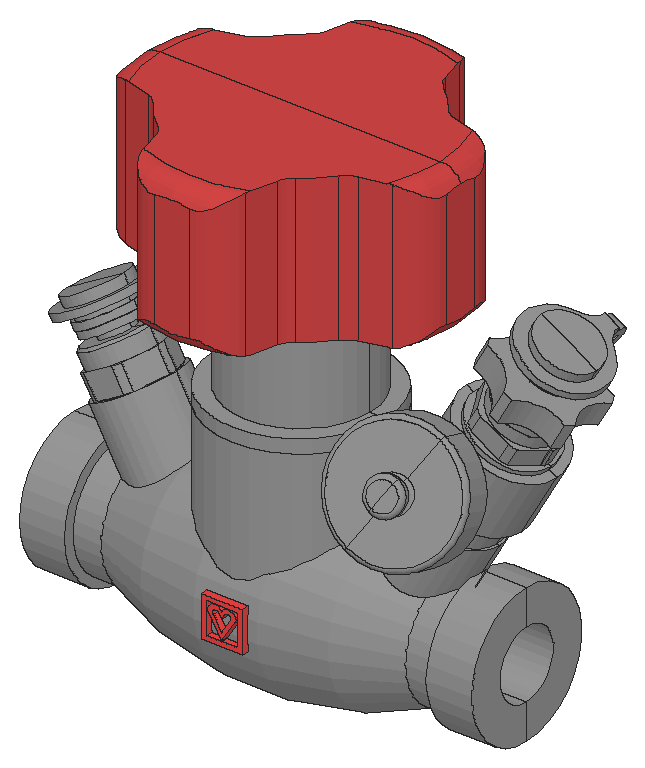
Revit family "Strangregulierventil für Differenzdruckmessung, Geradsitzform 4217 GML (LF-MF)", category Rohrzubehör, Revit 2020
Family settings
  Bemaßung runder Anschluss = Durchmesser verwenden
  Teiletyp = Unterbricht
  OmniClass-Nummer = 23.65.55.14
  OmniClass-Titel = Valves for Liquid Services
  Arbeitsebenenbasiert = Nein
  Immer vertikal = Ja
  Beim Laden mit Abzugskörper schneiden = Nein
  Gemeinsam genutzt = Nein
Parameters (values of type "LF")
  kvs-Wert [instance] = if(and(LF, Nennweite = 15.00 mm), 0.93, if(and(MF, Nennweite = 15.00 mm), 3.49, 0))  # 0.93
  W02 = 60.00°  # constant formula
  W01 = 30.00°  # constant formula
  Vorgabe-Ansicht = 0.00 mm
  URL = "www.herz-armaturen.at"
  SC_NennweiteBerechnet = 0
  SC_Dimension = ""
  SCRNSEQ = "ARM;ARM_TYP=\"STRV\";2"
  SCRNCODE = "05;07;02"  # constant formula
  S02 = 60.00 mm  # constant formula
  S01 [instance] = H00 + H01  # 68.20 mm
  R01 [instance] = 21.00 mm  # constant formula
  Nennweite [instance] = 15.00 mm
  Medium = "Heizwasserqualität entsprechend ÖNORM H 5195 bzw. VDI-Richtlinie 2035.\r\nDie Verwendung von Ethylen- und Propylenglykol ist im Mischungsverhältnis 25 - 50 Vol. % zulässig."
  Max. Betriebstemperatur (bis DN32) = 130 °C  # constant formula
  Max. Betriebstemperatur (ab DN40) = 110 °C  # constant formula
  Max. Betriebsdruck = 1600000.0 Pa  # constant formula
  ML02 [instance] = 30.20 mm  # constant formula
  ML01 [instance] = 20.67 mm  # constant formula
  MF [instance] = no
  MD01 = 9.50 mm  # constant formula
  LF [instance] = yes
  L02 [instance] = 10.00 mm  # constant formula
  L01 [instance] = 16.30 mm  # constant formula
  L00 [instance] = 100.00 mm  # constant formula
  IG [instance] = Nennweite / 2  # 7.50 mm
  Hersteller = "HERZ Armaturen Ges.m.b.H."  # constant formula
  H04 [instance] = 2.50 mm  # constant formula
  H03 = 10.00 mm  # constant formula
  H02 [instance] = 3.00 mm  # constant formula
  H01 [instance] = 33.30 mm  # constant formula
  H00 [instance] = 34.90 mm  # constant formula
  Gewicht [instance] = if(and(LF, Nennweite = 15.00 mm), "0.98 kg", if(and(MF, Nennweite = 15.00 mm), "0.97 kg", "0 kg"))  # "0.98 kg"
  Gehäuse = "DZR-Messing"  # constant formula
  GT [instance] = 15.00 mm  # constant formula
  Einbaulage = "Bedingt durch die senkrecht zur Ventilachse angeordnete, nichtsteigende Ventilspindel ist für jede Einbaulage optimale Zugängigkeit und Bedienbarkeit des Ventils gewährleistet."
  Differenzdruckmessung = "STRÖMAX-GML Strangregulierventil ist mit zwei Messventilen ausgestattet.\r\nBei Verwendung eines geeigneten Messgerätes kann der Differenzdruck gemessen und dadurch die jeweilige Durchflussmenge in Abhängigkeit der Einstellstufe ermittelt werden.\r\nAm HERZ-Messcomputer (1 8900 05) ist außerdem direkt die jeweilige Durchflussmenge ablesbar."
  DN50-DN80 [instance] = H00 + H01  # 68.20 mm
  DN15-DN40 [instance] = H00 + H01  # 68.20 mm
  DN15 [instance] = Nennweite = 15.00 mm  # yes
  D06 [instance] = 15.40 mm  # constant formula
  D05 [instance] = 13.15 mm  # constant formula
  D04 = 9.00 mm  # constant formula
  D03 [instance] = 19.00 mm  # constant formula
  D02 [instance] = 15.25 mm  # constant formula
  D01 [instance] = 13.20 mm  # constant formula
  Bestellnummer [instance] = if(and(LF, Nennweite = 15.00 mm), 1421710, if(and(MF, Nennweite = 15.00 mm), 1421719, 0))  # 1421710
  Ausführung = "STRÖMAX-GML Strangregulierventil mit Messventilen und Impulsleitungsanschluß 1/2″ – 3″\r\nGeradesitzform, gelbe Ausführung, Muffe x Muffe, nichtsteigende Spindel, Spindelabdichtung durch Doppel-O-Ring, Voreinstellung durch Hubbegrenzung mittels Innenspindel, digitale Anzeige der Voreinstellstufe im Handradfenster.\r\nEin Standardmeßventil und ein Messventil mit integriertem Impulsleitungsanschluß befinden sich neben dem Handrad."
  Anwendungen = "Zum hydraulischen Abgleich in Heiz- oder Kühlanlagen, Einregulieren von Verteilleitungen, Strängen, Wärmetauschern, Heiz- und Kühlregistern."
Types (3, lengths in mm): name | kvs-Wert | MF | LF | Gewicht | Bestellnummer
  (no name) | 0.93 | no | yes | "0.98 kg" | 1421710
  LF | 0.93 | no | yes | "0.98 kg" | 1421710
  MF | 3.49 | yes | no | "0.97 kg" | 1421719
Reference planes
  plane 1 "Mitte (Vorne/hinten)": y = 0
  plane 2: z = 0
  plane 3 "Mitte (Links/rechts)": x = 0
Forms (mm)
  Revolve 1, solid, material "Messing, weicher Gelbton, geschweißt", detail levels fine
    sketch origin (0, 0, 0) x (1, 0, 0) y (0, 0, 1)
      loop
        line (-50, 15.25) -> (-50, 7.5) -> (-35, 7.5) -> (-35, 0) -> (35, 0) -> (35, 7.5) -> (50, 7.5) -> (50, 15.25) -> (40, 15.25) -> (40, 13.2) -> (33.7, 13.2)
        arc (33.7, 13.2) -> (0, 21) -> (-33.7, 13.2) r 76.701
        line (-33.7, 13.2) -> (-40, 13.2) -> (-40, 15.25) -> (-50, 15.25)
      axis (-50, 0) -> (50, 0)
    angle from 0 to 360
  Revolve 2, solid, material "Messing, weicher Gelbton, geschweißt", detail levels fine
    sketch origin (0, 0, 0) x (1, 0, 0) y (0, 0, 1)
      loop
        line (20.67, 0) -> (35.77, 26.154) -> (27.543, 30.904) -> (12.443, 4.75) -> (20.67, 0)
      axis (20.67, 0) -> (35.77, 26.154)
    angle from 0 to 360
  Revolve 3, solid, material "Messing, weicher Gelbton, geschweißt", detail levels fine
    sketch origin (0, 0, 0) x (1, 0, 0) y (0, 0, 1)
      loop
        line (0, 0) -> (0, 34.9) -> (-19, 34.9) -> (-19, 0) -> (0, 0)
      axis (0, 34.9) -> (0, 0)
    angle from 0 to 360
  Revolve 4, solid, material "Messing, weicher Gelbton, geschweißt", detail levels fine
    sketch origin (0, 0, 0) x (-1, 0, 0) y (0, 0, 1)
      loop
        line (20.67, 0) -> (35.77, 26.154) -> (27.543, 30.904) -> (12.443, 4.75) -> (20.67, 0)
      axis (20.67, 0) -> (35.77, 26.154)
    angle from 0 to 360
  Revolve 5, solid, material "Messing, weicher Gelbton, geschweißt", detail levels fine
    sketch origin (0, 0, 0) x (1, 0, 0) y (0, 0, 1)
      loop
        line (0, 34.9) -> (0, 68.2) -> (-9, 68.2) -> (-9, 58.2) -> (-13.15, 58.2) -> (-13.15, 55.7) -> (-15.4, 55.7) -> (-15.4, 37.9) -> (-19, 37.9) -> (-19, 34.9) -> (0, 34.9)
      axis (0, 68.2) -> (0, 34.9)
    angle from 0 to 360
Lines and regions (mm)
  model lines, detail levels coarse+medium
    curve 1: line (-50, 0, 15.25) -> (-50, 0, -15.25)
    curve 2: line (-50, 0, -15.25) -> (50, 0, 15.25)
    curve 3: line (50, 0, 15.25) -> (50, 0, -15.25)
    curve 4: line (50, 0, -15.25) -> (-50, 0, 15.25)
    curve 5: line (0, 0, 0) -> (39.375, 0, 68.2)
    curve 6: line (13.395, 0, 83.2) -> (65.356, 0, 53.2)
    curve 7: line (-50, 15.25, 0) -> (-50, -15.25, 0)
    curve 8: line (-50, -15.25, 0) -> (50, 15.25, 0)
    curve 9: line (50, 15.25, 0) -> (50, -15.25, 0)
    curve 10: line (50, -15.25, 0) -> (-50, 15.25, 0)
    curve 11: line (0, 0, 0) -> (39.375, 68.2, 0)
    curve 12: line (13.395, 83.2, 0) -> (65.356, 53.2, 0)
Dimensions and locks
  "IG": Revolve 1 sketch curve to plane 2
  "GT": Revolve 1 sketch curve to Revolve 1 sketch curve  (x2)
  "IG": Revolve 1 sketch curve to Revolve 1 sketch curve
  "D01": Revolve 1 sketch curve to Revolve 1 sketch curve  (x2)
  "R01": Revolve 1 sketch curve to Revolve 1 sketch curve
  "L02": Revolve 1 sketch curve to Revolve 1 sketch curve  (x2)
  "L01": Revolve 1 sketch curve to Revolve 1 sketch curve  (x2)
  "D02": Revolve 1 sketch curve to plane 2  (x2)
  equal spacing: Revolve 1 sketch curve, plane 3 "Mitte (Links/rechts)", Revolve 1 sketch curve
  "L00": Revolve 1 sketch curve to Revolve 1 sketch curve
  "R01": nested 1 to plane 1 "Mitte (Vorne/hinten)"
  "ML01": Revolve 2 sketch curve to plane 3 "Mitte (Links/rechts)"
  "H00": Revolve 3 sketch curve to plane 2
  "D03": Revolve 3 sketch curve to Revolve 3 sketch curve
  "ML02": Revolve 2 sketch curve to Revolve 2 sketch curve
  "MD01": Revolve 2 sketch curve to Revolve 2 sketch curve  (x2)
  "ML02": Revolve 4 sketch curve to Revolve 4 sketch curve
  "MD01": Revolve 4 sketch curve to Revolve 4 sketch curve  (x2)
  "ML01": plane 3 "Mitte (Links/rechts)" to Revolve 4 sketch curve
  "H00": Revolve 5 sketch curve to plane 2
  "H01": Revolve 5 sketch curve to Revolve 5 sketch curve
  "D04": Revolve 5 sketch curve to Revolve 5 sketch curve
  "D03": Revolve 5 sketch curve to Revolve 5 sketch curve
  "D05": Revolve 5 sketch curve to Revolve 5 sketch curve
  "D06": Revolve 5 sketch curve to Revolve 5 sketch curve
  "H02": Revolve 5 sketch curve to Revolve 5 sketch curve
  "H03": Revolve 5 sketch curve to Revolve 5 sketch curve
  "H04": Revolve 5 sketch curve to Revolve 5 sketch curve
  "DN15-DN40": nested 2 to plane 2
  "D02": curve 4 to plane 2 to curve 2
  "D02": curve 3 to plane 2 to curve 4
  equal spacing: curve 1, plane 3 "Mitte (Links/rechts)", curve 3
  "L00": curve 1 to curve 3
  equal spacing: Revolve 1, curve 5, Revolve 1
  "S01": curve 5 to plane 2
  equal spacing: curve 6, curve 5, curve 6
  "S02": curve 6 to curve 6
  "D02": curve 8 to plane 1 "Mitte (Vorne/hinten)" to curve 10
  "D02": curve 10 to plane 1 "Mitte (Vorne/hinten)" to curve 9
  equal spacing: curve 7, plane 3 "Mitte (Links/rechts)", curve 9
  "L00": curve 7 to curve 9
  equal spacing: curve 7, curve 11, curve 9
  "S01": plane 1 "Mitte (Vorne/hinten)" to curve 11
  equal spacing: curve 12, curve 11, curve 12
  "S02": curve 12 to curve 12
  "W01": angle Revolve 2 sketch curve to plane 3 "Mitte (Links/rechts)"  (x2)
  "W01": angle plane 3 "Mitte (Links/rechts)" to Revolve 4 sketch curve  (x2)
  "W02": angle plane 2 to curve 5
  "W02": angle plane 1 "Mitte (Vorne/hinten)" to curve 11
  aligned and locked: level to plane 2
Automatic sketch dimensions
  Revolve 1 sketch curve to level = 0.00 mm  (x2)
  Revolve 1 sketch curve to Revolve 1 sketch curve = 1429.986 mm
  Revolve 1 sketch curve to Revolve 1 sketch curve = 1762.604 mm
  Revolve 2 sketch curve to level = 0.00 mm  (x2)
  Revolve 3 sketch curve to level = 0.00 mm
  Revolve 3 sketch curve to plane 3 "Mitte (Links/rechts)" = 0.00 mm  (x2)
  Revolve 3 sketch curve to Revolve 3 sketch curve = 366.045 mm
  Revolve 3 sketch curve to Revolve 3 sketch curve = 2179.415 mm
  Revolve 4 sketch curve to level = 0.00 mm  (x2)
  Revolve 5 sketch curve to plane 3 "Mitte (Links/rechts)" = 0.00 mm  (x2)
  Revolve 5 sketch curve to level = 366.045 mm
  Revolve 5 sketch curve to Revolve 5 sketch curve = 2146.115 mm
Nested families
  nested 1: "Herz-Logo-vorne" at (0, -21, 0) x (0, 1, 0) z (0, 0, 1), type "Herz-Logo-vorne", detail levels fine
  nested 2: "Strangregulierventil-Handrad-Gerade (Rot) DN15-DN40" at (0, 0, 68.2), visible <- "DN15", type "Strangregulierventil-Handrad-Gerade (Rot) DN15-DN40", detail levels fine
    with Nennweite 0.00 mm, Gewicht 0.00 kg, Bestellnummer 0
  nested 3: "Messstutzen_Band-KFE_Austritt_30Grad_(oben)" at (41.17, 0, 35.507), visible <- "DN15", type "Messstutzen_Band_Austritt_30Grad_(oben)", detail levels fine
    with Schutzkappe yes, Nennweite 0.00 mm, Gewicht 0.00 kg, Bestellnummer 0
  nested 4: "Messstutzen_Band_Eintritt_30Grad_(oben)" at (-27.02, 0, 10.999) x (-1, 0, 0) z (0, 0, 1), visible <- "DN15", type "Messstutzen_Band_Eintritt_30Grad_(oben)", detail levels fine
    with Schutzkappe yes, Nennweite 0.00 mm, Gewicht 0.00 kg, Bestellnummer 0
Connectors
  piping at (-35, 0, 0), diameter 15, driven by "Nennweite"
    settings: on Revolve 1, index 1, connector inside diameter 609.6 mm, connector length 0.00 mm, flow factor 0, pipe flow 0.0 L/s, pressure drop 0.0 Pa, fitting loss kfactor 0, connector angle 0.00°, fixture units 0, engagement length 0.00 mm, angle of deflection 0.00°, flow configuration 0, flow direction 1, fitting loss method 0, system type 29, joint type 0, gender type 0, connector reference index -1, connector utility 0, adjustable connector no, is connector primary yes, connector description ""
  piping at (35, 0, 0), diameter 15, driven by "Nennweite"
    settings: on Revolve 1, index 2, connector inside diameter 609.6 mm, connector length 0.00 mm, flow factor 0, pipe flow 0.0 L/s, pressure drop 0.0 Pa, fitting loss kfactor 0, connector angle 0.00°, fixture units 0, engagement length 0.00 mm, angle of deflection 0.00°, flow configuration 0, flow direction 2, fitting loss method 0, system type 29, joint type 0, gender type 0, connector reference index -1, connector utility 0, adjustable connector no, is connector primary no, connector description ""
Definition of nested family "Herz-Logo-vorne"
  Parameters (values of type "Herz-Logo-vorne")
    Default Elevation = 0.00 mm
  Reference planes
    plane 1 "Mitte (Vorne/hinten)": y = 0
    plane 2: z = 0
    plane 3 "Mitte (Links/rechts)": x = 0
  Forms (mm)
    Extrusion 1, solid
      sketch origin (0.732, -0.018, 0.017) x (0, -1, 0) y (0, 0, 1)
        loop
          line (-0.018, -4.517) -> (4.482, -4.517) -> (4.482, 4.483) -> (-4.518, 4.483) -> (-4.518, -4.517) -> (-0.018, -4.517)
        loop
          line (-0.05, -3.48) -> (3.482, -3.48) -> (3.482, 3.483) -> (-3.518, 3.483) -> (-3.518, -3.48) -> (-0.05, -3.48)
        loop
          arc (-0.018, 2.383) -> (-1.543, 3.287) -> (-3.067, 2.383) r 1.738
          arc (-3.067, 2.383) -> (-3.191, 1.899) -> (-3.067, 1.415) r 1.009
          line (-3.067, 1.415) -> (-0.018, -3.281) -> (3.032, 1.415)
          arc (3.032, 1.415) -> (3.156, 1.899) -> (3.032, 2.383) r 1.009
          arc (3.032, 2.383) -> (1.507, 3.287) -> (-0.018, 2.383) r 1.738
        loop
          arc (1.885, 1.272) -> (2.005, 1.675) -> (1.885, 2.079) r 0.74
          arc (1.885, 2.079) -> (1.265, 2.416) -> (0.644, 2.079) r 0.74
          line (0.644, 2.079) -> (-0.018, 0.97) -> (-0.679, 2.079)
          arc (-0.679, 2.079) -> (-1.3, 2.416) -> (-1.921, 2.079) r 0.74
          arc (-1.921, 2.079) -> (-2.04, 1.675) -> (-1.921, 1.272) r 0.74
          line (-1.921, 1.272) -> (-0.018, -1.658) -> (1.885, 1.272)
      from 0 to 1.5
  Dimensions and locks
    aligned and locked: level to plane 2
Definition of nested family "Strangregulierventil-Handrad-Gerade (Rot) DN15-DN40"
  Parameters (values of type "Strangregulierventil-Handrad-Gerade (Rot) DN15-DN40")
    Default Elevation = 0.00 mm
    URL = "www.herz-armaturen.at"
    Nennweite [instance] = 0.00 mm
    Manufacturer = "Herz Armaturen GmbH"  # constant formula
    Gewicht [instance] = 0.00 kg
    Bestellnummer [instance] = 0
  Reference planes
    plane 1 "Mitte (Vorne/hinten)": y = 0
    plane 2: z = 0
    plane 3 "Mitte (Links/rechts)": x = 0
  Forms (mm)
    Revolve 1, solid, detail levels fine
      sketch origin (0, 0, 0) x (1, 0, 0) y (0, 0, 1)
        loop
          line (0, 0) -> (0, 24.95) -> (-30.992, 24.95)
          arc (-30.992, 24.95) -> (-34.37, 23.636) -> (-35.973, 20.386) r 5
          line (-35.973, 20.386) -> (-37, 8.65) -> (-35.986, -2.936)
          arc (-35.986, -2.936) -> (-34.383, -6.186) -> (-31.005, -7.5) r 5
          line (-31.005, -7.5) -> (-15, -7.5) -> (-15, 0) -> (0, 0)
        axis (0, 24.95) -> (0, -7.5)
      angle from 0 to 360
    Extrusion 2, void
      sketch origin (0, 0, 20.3) x (1, 0, 0) y (0, 1, 0)
        loop
          line (3.861, 35.5) -> (-3.861, 35.5)
          arc (-3.861, 35.5) -> (-8.731, 33.847) -> (-11.589, 29.571) r 8
          line (-11.589, 29.571) -> (-13.284, 23.245)
          arc (-13.284, 23.245) -> (-13.982, 21.722) -> (-15.144, 20.516) r 5
          arc (-15.144, 20.516) -> (-18.031, 18.031) -> (-20.516, 15.144) r 25.5
          arc (-20.516, 15.144) -> (-21.722, 13.982) -> (-23.245, 13.284) r 5
          line (-23.245, 13.284) -> (-29.571, 11.589)
          arc (-29.571, 11.589) -> (-33.847, 8.731) -> (-35.5, 3.861) r 8
          line (-35.5, 3.861) -> (-35.5, -3.861)
          arc (-35.5, -3.861) -> (-33.847, -8.731) -> (-29.571, -11.589) r 8
          line (-29.571, -11.589) -> (-23.245, -13.284)
          arc (-23.245, -13.284) -> (-21.722, -13.982) -> (-20.516, -15.144) r 5
          arc (-20.516, -15.144) -> (-18.031, -18.031) -> (-15.144, -20.516) r 25.5
          arc (-15.144, -20.516) -> (-13.982, -21.722) -> (-13.284, -23.245) r 5
          line (-13.284, -23.245) -> (-11.589, -29.571)
          arc (-11.589, -29.571) -> (-8.731, -33.847) -> (-3.861, -35.5) r 8
          line (-3.861, -35.5) -> (3.861, -35.5)
          arc (3.861, -35.5) -> (8.731, -33.847) -> (11.589, -29.571) r 8
          line (11.589, -29.571) -> (13.284, -23.245)
          arc (13.284, -23.245) -> (13.982, -21.722) -> (15.144, -20.516) r 5
          arc (15.144, -20.516) -> (18.031, -18.031) -> (20.516, -15.144) r 25.5
          arc (20.516, -15.144) -> (21.722, -13.982) -> (23.245, -13.284) r 5
          line (23.245, -13.284) -> (29.571, -11.589)
          arc (29.571, -11.589) -> (33.847, -8.731) -> (35.5, -3.861) r 8
          line (35.5, -3.861) -> (35.5, 3.861)
          arc (35.5, 3.861) -> (33.847, 8.731) -> (29.571, 11.589) r 8
          line (29.571, 11.589) -> (23.245, 13.284)
          arc (23.245, 13.284) -> (21.722, 13.982) -> (20.516, 15.144) r 5
          arc (20.516, 15.144) -> (18.031, 18.031) -> (15.144, 20.516) r 25.5
          arc (15.144, 20.516) -> (13.982, 21.722) -> (13.284, 23.245) r 5
          line (13.284, 23.245) -> (11.589, 29.571)
          arc (11.589, 29.571) -> (8.731, 33.847) -> (3.861, 35.5) r 8
        loop
          circle (0, 0) r 38
      from -31.266 to 7.923
  Cuts and joins
    Extrusion 2 cuts Revolve 1
  Dimensions and locks
    Revolve 1 sketch curve to Revolve 1 sketch curve = 15.00 mm
    Revolve 1 sketch curve to Revolve 1 sketch curve = 16.15 mm
    Revolve 1 sketch curve to Revolve 1 sketch curve = 16.30 mm
    angle Revolve 1 sketch curve to Revolve 1 sketch curve = 95.00°
    aligned and locked: level to plane 2
Definition of nested family "Messstutzen_Band-KFE_Austritt_30Grad_(oben)"
  Parameters (values of type "Messstutzen_Band-KFE_Austritt_30Grad_(oben)")
    Default Elevation = 0.00 mm
    URL = "www.herz-armaturen.at"
    Schutzkappe [instance] = yes
    Nennweite [instance] = 0.00 mm
    Manufacturer = "Herz Armaturen GmbH"  # constant formula
    Gewicht [instance] = 0.00 kg
    Bestellnummer [instance] = 0
  Reference planes
    plane 1 "Mitte (Vorne/hinten)": y = 0
    plane 2: z = 0
    plane 3 "Mitte (Links/rechts)": x = 0
  Forms (mm)
    Revolve 1, solid, detail levels fine
      sketch origin (0, 0, 0) x (0.866025, 0, -0.5) y (0.5, 0, 0.866025)
        loop
          line (-7.4, 9) -> (-5.55, 9) -> (-5.55, 6)
          arc (-5.55, 6) -> (-5.626, 5.617) -> (-5.843, 5.293) r 1
          line (-5.843, 5.293) -> (-6.455, 4.681) -> (-6.455, 0.9) -> (-5.555, 0) -> (-2, 0) -> (-2, 23) -> (-2, 35.8) -> (-3.805, 35.8) -> (-4.415, 35.19) -> (-4.415, 30.863) -> (-3.7, 30.45) -> (-3.7, 27) -> (-7.4, 27) -> (-7.4, 9)
        axis (0, 0) -> (0, 35.8)
      angle from 0 to 360
    Extrusion 2, solid, detail levels fine
      sketch origin (8.75, 0, 15.155) x (0, 1, 0) y (-0.866025, 0, 0.5)
        loop
          arc (-7.07, 5.156) -> (-7.578, 4.375) -> (-8, 3.544) r 8.75
          line (-8, 3.544) -> (-8, -3.544)
          arc (-8, -3.544) -> (-7.578, -4.375) -> (-7.07, -5.156) r 8.75
          line (-7.07, -5.156) -> (-0.93, -8.7)
          arc (-0.93, -8.7) -> (0, -8.75) -> (0.93, -8.7) r 8.75
          line (0.93, -8.7) -> (7.07, -5.156)
          arc (7.07, -5.156) -> (7.578, -4.375) -> (8, -3.544) r 8.75
          line (8, -3.544) -> (8, 3.544)
          arc (8, 3.544) -> (7.578, 4.375) -> (7.07, 5.156) r 8.75
          line (7.07, 5.156) -> (0.93, 8.7)
          arc (0.93, 8.7) -> (0, 8.75) -> (-0.93, 8.7) r 8.75
          line (-0.93, 8.7) -> (-7.07, 5.156)
      from -5.51 to -1.21
    Revolve 3, solid, visible <- "Schutzkappe", detail levels fine
      sketch origin (0, 0, 0) x (0.866025, 0, -0.5) y (0.5, 0, 0.866025)
        loop
          line (0, 35.878) -> (0, 36.678) -> (-7, 36.678) -> (-7, 33.378) -> (-6.1, 33.378) -> (-6.1, 31.678) -> (-6.9, 31.678) -> (-6.9, 30.178) -> (-4.415, 30.178) -> (-4.415, 35.268) -> (-3.805, 35.878) -> (0, 35.878)
        axis (0, 30.178) -> (0, 36.678)
      angle from 0 to 360
    Extrusion 4, solid, detail levels fine
      sketch origin (15, 0, 25.981) x (0, 1, 0) y (0.866025, 0, -0.5)
        loop
          circle (0, 0) r 3.7
        loop
          arc (5.505, -3.906) -> (7.288, -2.358) -> (9.582, -1.8) r 5
          line (9.582, -1.8) -> (9.582, 1.8)
          arc (9.582, 1.8) -> (7.288, 2.358) -> (5.505, 3.906) r 5
          arc (5.505, 3.906) -> (-6.75, 0) -> (5.505, -3.906) r 6.75
      from 0 to -1.5
    Extrusion 5, solid, detail levels fine
      sketch origin (16.589, 0, 28.733) x (0, 1, 0) y (0.866025, 0, -0.5)
        loop
          circle (0, 0) r 6.1
        loop
          arc (8.652, -4.495) -> (10.493, -2.527) -> (13.089, -1.8) r 5
          line (13.089, -1.8) -> (13.089, 1.8)
          arc (13.089, 1.8) -> (10.493, 2.527) -> (8.652, 4.495) r 5
          arc (8.652, 4.495) -> (-9.75, 0) -> (8.652, -4.495) r 9.75
      from 0 to -1.5
    Sweep 6, solid, detail levels fine
      path origin (0, 0, 0) x (-0.5, 0, -0.866025) y (0, 1, 0)
        loop
          line (-29.25, 9.582) -> (-29.25, 14.522)
          arc (-29.25, 14.522) -> (-30.839, 16.112) -> (-32.428, 14.522) r 1.589
          line (-32.428, 14.522) -> (-32.428, 13.089)
      profile origin (14.625, 12.052, 25.331) x (0.5, 0, 0.866025) y (0.866025, 0, -0.5)
        loop
          line (-0.75, -1.8) -> (0.75, -1.8) -> (0.75, 1.8) -> (-0.75, 1.8) -> (-0.75, -1.8)
    Extrusion 7, solid, detail levels fine
      sketch origin (-87.639, 0, 50.598) x (0.866025, 0, -0.5) y (0, 1, 0)
        loop
          arc (112.053, 5.113) -> (111.589, 6) -> (111.053, 6.845) r 12
          arc (111.053, 6.845) -> (105.696, 7.794) -> (102.196, 11.958) r 7.971
          arc (102.196, 11.958) -> (101.196, 12) -> (100.196, 11.958) r 12
          arc (100.196, 11.958) -> (96.696, 7.794) -> (91.34, 6.845) r 7.971
          arc (91.34, 6.845) -> (90.804, 6) -> (90.34, 5.113) r 12
          arc (90.34, 5.113) -> (92.196, 0) -> (90.34, -5.113) r 7.971
          arc (90.34, -5.113) -> (90.804, -6) -> (91.34, -6.845) r 12
          arc (91.34, -6.845) -> (96.696, -7.794) -> (100.196, -11.958) r 7.971
          arc (100.196, -11.958) -> (101.196, -12) -> (102.196, -11.958) r 12
          arc (102.196, -11.958) -> (105.696, -7.794) -> (111.053, -6.845) r 7.971
          arc (111.053, -6.845) -> (111.589, -6) -> (112.053, -5.113) r 12
          arc (112.053, -5.113) -> (110.196, 0) -> (112.053, 5.113) r 7.971
      from 22.3 to 28.5
    Revolve 8, solid, detail levels fine
      sketch origin (-47.563, 0, 4.367) x (-0.866025, 0, 0.5) y (0.5, 0, 0.866025)
        loop
          line (-43.374, 0) -> (-37.874, 0) -> (-36.774, 1.1) -> (-36.774, 4.9) -> (-37.874, 6) -> (-37.874, 8.4) -> (-36.424, 8.4) -> (-36.424, 9.2) -> (-34.424, 9.2) -> (-34.424, 15.59) -> (-31.874, 15.59) -> (-31.874, 30.99) -> (-33.874, 30.99) -> (-33.874, 31.99) -> (-43.374, 31.99) -> (-43.374, 0)
        loop
          line (-43.374, 39) -> (-43.374, 36.29) -> (-35.874, 36.29) -> (-35.874, 39) -> (-43.374, 39)
        axis (-43.374, 39) -> (-43.374, 0)
      angle from 0 to 360
    Revolve 9, solid, detail levels fine
      sketch origin (0, 0, 0) x (0, -1, 0) y (0.5, 0, 0.866025)
        loop
          line (0, -1.01) -> (32.627, 14.204) -> (27.556, 25.08) -> (25.934, 25.67) -> (21.602, 23.65) -> (14.873, 11.994) -> (-2.324, 3.975) -> (0, -1.01)
        axis (32.627, 14.204) -> (0, -1.01)
      angle from 0 to 360
    Revolve 10, solid, detail levels fine
      sketch origin (-19.899, -51.188, -34.465) x (-0.453154, -0.422618, -0.784886) y (0.211309, -0.906308, 0.365998)
        loop
          line (-56.786, 8) -> (-45.747, 8) -> (-45.747, 0) -> (-43.834, 0) -> (-42.786, 1.048) -> (-42.786, 8.048)
          arc (-42.786, 8.048) -> (-43.065, 8.721) -> (-43.738, 9) r 0.952
          line (-43.738, 9) -> (-52.974, 9)
          arc (-52.974, 9) -> (-53.548, 9.238) -> (-53.786, 9.812) r 0.812
          line (-53.786, 9.812) -> (-53.786, 12) -> (-52.786, 12) -> (-52.786, 13.03)
          arc (-52.786, 13.03) -> (-53.07, 13.716) -> (-53.756, 14) r 0.97
          line (-53.756, 14) -> (-56.786, 14) -> (-56.786, 8)
        axis (-56.786, 14) -> (-56.786, 0)
      angle from 0 to 360
  Dimensions and locks
    aligned and locked: level to plane 2
Definition of nested family "Messstutzen_Band_Eintritt_30Grad_(oben)"
  Parameters (values of type "Messstutzen_Band_Eintritt_30Grad_(oben)")
    Default Elevation = 0.00 mm
    URL = "www.herz-armaturen.at"
    Schutzkappe [instance] = yes
    Nennweite [instance] = 0.00 mm
    Manufacturer = "Herz Armaturen GmbH"  # constant formula
    Gewicht [instance] = 0.00 kg
    Bestellnummer [instance] = 0
  Reference planes
    plane 1 "Mitte (Vorne/hinten)": y = 0
    plane 2: z = 0
    plane 3 "Mitte (Links/rechts)": x = 0
  Forms (mm)
    Revolve 1, solid, detail levels fine
      sketch origin (0, 0, 0) x (0.866025, 0, -0.5) y (0.5, 0, 0.866025)
        loop
          line (-7.4, 9) -> (-5.55, 9) -> (-5.55, 6)
          arc (-5.55, 6) -> (-5.626, 5.617) -> (-5.843, 5.293) r 1
          line (-5.843, 5.293) -> (-6.455, 4.681) -> (-6.455, 0.9) -> (-5.555, 0) -> (-2, 0) -> (-2, 17.5) -> (-8.4, 17.5)
          arc (-8.4, 17.5) -> (-7.693, 17.207) -> (-7.4, 16.5) r 1
          line (-7.4, 16.5) -> (-7.4, 9)
        loop
          line (-3.7, 27) -> (-7.3, 27) -> (-7.9, 26.4) -> (-7.9, 23) -> (-2, 23) -> (-2, 35.8) -> (-3.805, 35.8) -> (-4.415, 35.19) -> (-4.415, 30.863) -> (-3.7, 30.45) -> (-3.7, 27)
        axis (0, 0) -> (0, 35.8)
      angle from 0 to 360
    Extrusion 2, solid, detail levels fine
      sketch origin (8.75, 0, 15.155) x (0, 1, 0) y (-0.866025, 0, 0.5)
        loop
          arc (-7.07, 5.156) -> (-7.578, 4.375) -> (-8, 3.544) r 8.75
          line (-8, 3.544) -> (-8, -3.544)
          arc (-8, -3.544) -> (-7.578, -4.375) -> (-7.07, -5.156) r 8.75
          line (-7.07, -5.156) -> (-0.93, -8.7)
          arc (-0.93, -8.7) -> (0, -8.75) -> (0.93, -8.7) r 8.75
          line (0.93, -8.7) -> (7.07, -5.156)
          arc (7.07, -5.156) -> (7.578, -4.375) -> (8, -3.544) r 8.75
          line (8, -3.544) -> (8, 3.544)
          arc (8, 3.544) -> (7.578, 4.375) -> (7.07, 5.156) r 8.75
          line (7.07, 5.156) -> (0.93, 8.7)
          arc (0.93, 8.7) -> (0, 8.75) -> (-0.93, 8.7) r 8.75
          line (-0.93, 8.7) -> (-7.07, 5.156)
      from 0 to 5.5
    Revolve 3, solid, visible <- "Schutzkappe", detail levels fine
      sketch origin (0, 0, 0) x (0.866025, 0, -0.5) y (0.5, 0, 0.866025)
        loop
          line (0, 35.878) -> (0, 36.678) -> (-7, 36.678) -> (-7, 33.378) -> (-6.1, 33.378) -> (-6.1, 31.678) -> (-6.9, 31.678) -> (-6.9, 30.178) -> (-4.415, 30.178) -> (-4.415, 35.268) -> (-3.805, 35.878) -> (0, 35.878)
        axis (0, 30.178) -> (0, 36.678)
      angle from 0 to 360
    Extrusion 4, solid, detail levels fine
      sketch origin (14.25, 0, 24.682) x (0, 1, 0) y (0.866025, 0, -0.5)
        loop
          circle (0, 0) r 3.7
        loop
          arc (5.505, -3.906) -> (7.288, -2.358) -> (9.582, -1.8) r 5
          line (9.582, -1.8) -> (9.582, 1.8)
          arc (9.582, 1.8) -> (7.288, 2.358) -> (5.505, 3.906) r 5
          arc (5.505, 3.906) -> (-6.75, 0) -> (5.505, -3.906) r 6.75
      from 0 to -1.5
    Extrusion 5, solid, detail levels fine
      sketch origin (16.589, 0, 28.733) x (0, 1, 0) y (0.866025, 0, -0.5)
        loop
          circle (0, 0) r 6.1
        loop
          arc (8.652, -4.495) -> (10.493, -2.527) -> (13.089, -1.8) r 5
          line (13.089, -1.8) -> (13.089, 1.8)
          arc (13.089, 1.8) -> (10.493, 2.527) -> (8.652, 4.495) r 5
          arc (8.652, 4.495) -> (-9.75, 0) -> (8.652, -4.495) r 9.75
      from 0 to -1.5
    Sweep 6, solid, detail levels fine
      path origin (0.933, -0.183, 1.116) x (-0.5, 0, -0.866025) y (0, 1, 0)
        loop
          line (-27.75, 9.582) -> (-27.75, 14.522)
          arc (-27.75, 14.522) -> (-30.089, 16.862) -> (-32.428, 14.522) r 2.339
          line (-32.428, 14.522) -> (-32.428, 13.089)
      profile origin (14.808, 11.869, 25.148) x (0.5, 0, 0.866025) y (0.866025, 0, -0.5)
        loop
          line (-0.75, -1.8) -> (0.75, -1.8) -> (0.75, 1.8) -> (-0.75, 1.8) -> (-0.75, -1.8)
  Dimensions and locks
    aligned and locked: level to plane 2
